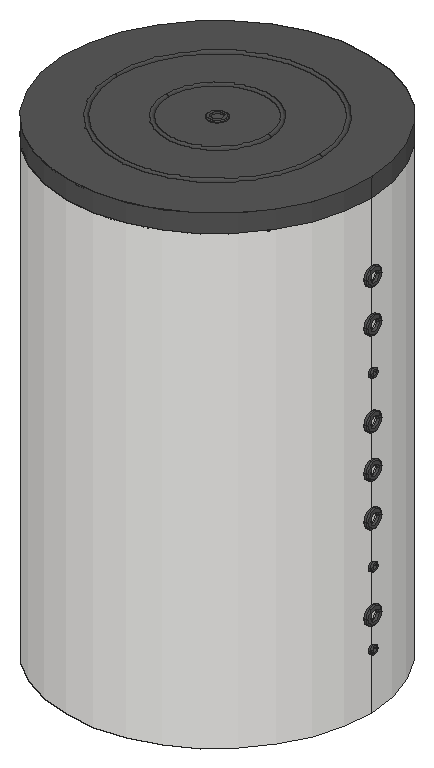
Revit family "S-tank_AT_Prestige", category Оборудование, Revit 2019
Family settings
  Размер круглого соединителя = Использовать диаметр
  Классификация = Нет
  Тип детали = Нормальный
  На основе рабочей плоскости = Нет
  Всегда вертикально = Да
  При загрузке вырезать с полостями = Нет
  Общий = Нет
  Точка расчета площади = Нет
Parameters (values of type "AT2000 Prestige")
  Разработка семейств = "https://rubim.tech/"
  Диаметрсизоляцией = 1350 mm
  shrf = 17.5 mm
  rd [instance] = Диаметрсизоляцией / 2  # 675 mm
  a = Диаметрсизоляцией / 6  # 225 mm
  M = 1715 mm
  L = 1525 mm
  K = 1335 mm
  I = 1145 mm
  H = 2100 mm
  E = 955 mm
  DN2 = 15 mm
  DN1 = 40 mm
  D = 765 mm
  C = 575 mm
  B = 385 mm
  ADSK_Примечание [instance] = ""
  ADSK_Позиция [instance] = ""
  ADSK_Обозначение = "AT300Prestige"
  ADSK_Наименование краткое [instance] = "БE"
  ADSK_Наименование = "Буферная емкость"
  ADSK_Масса_Текст [instance] = ""
  ADSK_Масса = 246
  ADSK_Марка = "AT 2000 Prestige"
  ADSK_Количество [instance] = 1  # constant formula
  ADSK_Код изделия [instance] = ""
  ADSK_Завод-изготовитель = "ООО “С-ТЭНК ВОТЕР ХИТЕРС”"
  ADSK_Единица измерения = "шт."  # constant formula
  ADSK_Группирование = "Оборудование"
  ADSK_URL документации изделия = "http://s-tank.ru/at-prestige/"
  A = 250 mm
Types (9, lengths in mm): name | Диаметрсизоляцией | rd | a | M | L | K | I | H | E | D | C | B | ADSK_Масса | ADSK_Марка | A
  AT300 Prestige | 630 | 315 | 105 | 1345 | 1185 | 1025 | 865 | 1600 | 705 | 545 | 385 | 225 | 65 | "AT 300 Prestige" | 125
  AT500 Prestige | 780 | 390 | 130 | 1340 | 1180 | 1020 | 860 | 1605 | 700 | 540 | 380 | 220 | 87 | "AT 500 Prestige" | 122
  AT750 Prestige | 920 | 460 | 153.333 | 1330 | 1170 | 1010 | 850 | 1630 | 690 | 530 | 370 | 210 | 103 | "AT 750 Prestige" | 117
  AT1000 Prestige | 920 | 460 | 153.333 | 1915 | 1670 | 1425 | 1180 | 2205 | 935 | 680 | 445 | 200 | 131 | "AT 1000 Prestige" | 117
  AT1200 Prestige | 1070 | 535 | 178.333 | 1630 | 1440 | 1250 | 1060 | 2080 | 870 | 680 | 490 | 300 | 174 | "AT 1200 Prestige" | 177
  AT1500 Prestige | 1070 | 535 | 178.333 | 1980 | 1740 | 1500 | 1260 | 2370 | 1020 | 780 | 540 | 300 | 200 | "AT 1500 Prestige" | 177
  AT2000 Prestige | 1350 | 675 | 225 | 1715 | 1525 | 1335 | 1145 | 2100 | 955 | 765 | 575 | 385 | 246 | "AT 2000 Prestige" | 250
  AT3000 Prestige | 1630 | 815 | 271.667 | 1830 | 1640 | 1450 | 1260 | 2315 | 1070 | 880 | 690 | 500 | 450 | "AT 3000 Prestige" | 332
  AT5000 Prestige | 1630 | 815 | 271.667 | 2600 | 2300 | 2000 | 1700 | 2315 | 1400 | 1100 | 800 | 500 | 615 | "AT 5000 Prestige" | 332
Reference planes
  plane 1 "По центру (Вперед/Назад)": y = 0
  plane 2: z = 0
  plane 3 "По центру (Влево/Вправо)": x = 0
  plane 4: z = 250
  plane 5: z = 385
  plane 6: z = 575
  plane 7: z = 765
  plane 8: z = 2100
  plane 9: x = 675
  plane 10: x = -675
  plane 11: x = 225
  plane 12: x = 450
  plane 13: y = -675
  plane 14: y = 675
  plane 15: z = 955
  plane 16: z = 1145
  plane 17: z = 1335
  plane 18: z = 1525
  plane 19: z = 1715
Forms (mm)
  Extrusion 1, solid, material "RB_Серая порошковая"
    sketch origin (0, 0, 0) x (1, 0, 0) y (0, 1, 0)
      loop
        circle (0, 0) r 675
    from 0 to 2020
  Extrusion 2, solid, material "RB_Черный пластик"
    sketch origin (0, 0, 0) x (1, 0, 0) y (0, 1, 0)
      loop
        circle (0, 0) r 675
    from 2020 to 2100
  Revolve 3, solid, material "RB_Черный пластик"
    sketch origin (0, 0, 0) x (1, 0, 0) y (0, 0, 1)
      loop
        line (217.5, 2100) -> (232.5, 2100)
        arc (232.5, 2100) -> (225, 2107.5) -> (217.5, 2100) r 7.5
      loop
        line (442.5, 2100) -> (457.5, 2100)
        arc (457.5, 2100) -> (450, 2107.5) -> (442.5, 2100) r 7.5
      axis (0, 2100) -> (0, 2101)
    angle from 0 to 360
  Extrusion 4, solid, material "Пластик синий", not visible
    sketch origin (-10, 0, 0) x (1, 0, 0) y (0, 0, 1)
      loop
        arc (-214.477, 2447.343) -> (-231.977, 2440.094) -> (-239.226, 2422.594) r 24.749
        line (-239.226, 2422.594) -> (-239.226, 2312.833)
        arc (-239.226, 2312.833) -> (-231.977, 2295.333) -> (-214.477, 2288.085) r 24.749
        line (-214.477, 2288.085) -> (236.536, 2288.085)
        arc (236.536, 2288.085) -> (254.036, 2295.333) -> (261.285, 2312.833) r 24.749
        line (261.285, 2312.833) -> (261.285, 2420.032)
        arc (261.285, 2420.032) -> (253.285, 2439.344) -> (233.974, 2447.343) r 27.311
        line (233.974, 2447.343) -> (-214.477, 2447.343)
      loop
        arc (-214.477, 2439.053) -> (-226.115, 2434.232) -> (-230.936, 2422.594) r 16.459
        line (-230.936, 2422.594) -> (-230.936, 2331.316) -> (252.994, 2331.316) -> (252.994, 2420.032)
        arc (252.994, 2420.032) -> (247.423, 2433.482) -> (233.974, 2439.053) r 19.021
        line (233.974, 2439.053) -> (-214.477, 2439.053)
      loop
        line (-115.968, 2397.309) -> (-115.968, 2379.809) -> (-65.968, 2379.809) -> (-65.968, 2397.309) -> (-115.968, 2397.309)
      loop
        line (-35.422, 2407.249) -> (-35.422, 2351.314) -> (-17.922, 2351.314) -> (-17.922, 2407.249) -> (3.349, 2407.249) -> (10.977, 2424.749) -> (-55.778, 2424.749) -> (-55.778, 2407.249) -> (-35.422, 2407.249)
      loop
        line (-4.413, 2351.314) -> (16.363, 2351.314) -> (21.205, 2358.883) -> (45.502, 2358.883) -> (45.502, 2351.314) -> (63.002, 2351.314) -> (63.002, 2377.816) -> (33.319, 2377.816) -> (45.396, 2396.692) -> (45.396, 2384.046) -> (62.896, 2384.046) -> (62.896, 2407.227)
        arc (62.896, 2407.227) -> (56.009, 2420.523) -> (41.176, 2422.567) r 16.277
        line (41.176, 2422.567) -> (-4.413, 2351.314)
      loop
        line (86.328, 2400.911) -> (116.793, 2357.872)
        arc (116.793, 2357.872) -> (128.592, 2352.604) -> (138.978, 2360.291) r 12.812
        line (138.978, 2360.291) -> (138.978, 2425.291) -> (121.478, 2425.291) -> (121.478, 2377.488) -> (92.799, 2417.763)
        arc (92.799, 2417.763) -> (79.669, 2423.404) -> (68.828, 2414.092) r 13.5
        line (68.828, 2414.092) -> (68.828, 2351.314) -> (86.328, 2351.314) -> (86.328, 2400.911)
      loop
        line (148.978, 2425.291) -> (148.978, 2351.314) -> (166.478, 2351.314) -> (166.478, 2387.9) -> (192.095, 2351.314) -> (210.407, 2351.314) -> (181.682, 2392.337) -> (202.618, 2425.291) -> (184.847, 2425.291) -> (166.478, 2396.377) -> (166.478, 2425.291) -> (148.978, 2425.291)
    from 759.938 to 875
  Extrusion 5, solid, material "Пластик красный", not visible
    sketch origin (-10, 0, 0) x (1, 0, 0) y (0, 0, 1)
      loop
        line (-183.191, 2407.249) -> (-125.538, 2407.249)
        arc (-125.538, 2407.249) -> (-123.959, 2408.615) -> (-124.451, 2410.643) r 2.004
        line (-124.451, 2410.643) -> (-138.593, 2424.749) -> (-178.435, 2424.749)
        arc (-178.435, 2424.749) -> (-183.852, 2416.825) -> (-183.191, 2407.249) r 14.627
      loop
        line (-178.104, 2401.129) -> (-146.323, 2368.814) -> (-182.715, 2368.814)
        arc (-182.715, 2368.814) -> (-184.77, 2366.956) -> (-184.098, 2364.267) r 2.693
        line (-184.098, 2364.267) -> (-171.109, 2351.314) -> (-128.051, 2351.314)
        arc (-128.051, 2351.314) -> (-118.918, 2357.483) -> (-121.231, 2368.259) r 9.845
        line (-121.231, 2368.259) -> (-153.559, 2401.129) -> (-178.104, 2401.129)
    from -875 to 875
Lines and regions (mm)
  reference lines
    curve 1: line (675, 0, 51.978) -> (675, 0, -48.022)
Dimensions and locks
  "H": plane 8 to plane 2
  "D": plane 7 to plane 2
  "C": plane 6 to plane 2
  "B": plane 5 to plane 2
  "A": plane 4 to plane 2
  "Диаметрсизоляцией": plane 9 to plane 10
  equal spacing: plane 9, plane 3 "По центру (Влево/Вправо)", plane 10
  "a": plane 11 to plane 3 "По центру (Влево/Вправо)"
  "a": plane 12 to plane 11
  equal spacing: Revolve 3 sketch curve, plane 11, Revolve 3 sketch curve
  equal spacing: Revolve 3 sketch curve, plane 12, Revolve 3 sketch curve
  Revolve 3 sketch curve to Revolve 3 sketch curve = 15 mm  (x2)
  "shrf": Extrusion 4 sketch curve to Extrusion 4 sketch curve  (x11)
  Extrusion 4 sketch curve to Extrusion 4 sketch curve = 15 mm  (x2)
  "shrf": Extrusion 5 sketch curve to Extrusion 5 sketch curve  (x3)
  equal spacing: plane 14, plane 1 "По центру (Вперед/Назад)", plane 13
  "Диаметрсизоляцией": plane 14 to plane 13
  locked: Extrusion 2 to plane 8 at 80
  "E": plane 15 to level
  "I": plane 16 to level
  "K": plane 17 to level
  "L": plane 18 to level
  "M": plane 19 to level
  "Диаметрсизоляцией": diameter of Extrusion 1 sketch curve
  "Диаметрсизоляцией": diameter of Extrusion 2 sketch curve
  aligned and locked: level to plane 2
  aligned and locked: Extrusion 4 sketch curve to Extrusion 4 sketch curve  (x3)
  aligned and locked: Extrusion 4 to Extrusion 5 sketch curve
  aligned and locked: Extrusion 5 sketch curve to Extrusion 4
  aligned and locked: nested 1 to plane 1 "По центру (Вперед/Назад)"
  aligned and locked: nested 2 to plane 4
  aligned and locked: nested 1 to plane 5
  aligned and locked: nested 4 to plane 6
  aligned and locked: nested 3 to plane 7
  aligned and locked: curve 1 to nested 3
  aligned and locked: curve 1 to nested 4
  aligned and locked: curve 1 to nested 1
  aligned and locked: curve 1 to nested 2
  aligned and locked: curve 1 to plane 9
  aligned and locked: nested 5 to plane 1 "По центру (Вперед/Назад)"
  aligned and locked: nested 5 to plane 8
  aligned and locked: Extrusion 2 to plane 8
  aligned and locked: Extrusion 1 to Extrusion 2
  aligned and locked: plane 15 to nested 6
  aligned and locked: plane 19 to nested 10
  aligned and locked: plane 18 to nested 9
  aligned and locked: plane 17 to nested 8
  aligned and locked: plane 16 to nested 7
  aligned and locked: curve 1 to nested 6
  aligned and locked: curve 1 to nested 7
  aligned and locked: curve 1 to nested 8
  aligned and locked: curve 1 to nested 9
  aligned and locked: curve 1 to nested 10
Automatic sketch dimensions
  Extrusion 4 sketch curve to Extrusion 4 sketch curve = 0 mm  (x12)
  Extrusion 4 sketch curve to Extrusion 4 sketch curve = 8.29 mm
  Extrusion 4 sketch curve to Extrusion 4 sketch curve = 16.459 mm  (x3)
  Extrusion 4 sketch curve to Extrusion 4 sketch curve = 98.509 mm
  Extrusion 4 sketch curve to Extrusion 4 sketch curve = 50 mm
  Extrusion 4 sketch curve to Extrusion 4 sketch curve = 10.19 mm
  Extrusion 4 sketch curve to Extrusion 4 sketch curve = 20.356 mm
  Extrusion 4 sketch curve to Extrusion 4 sketch curve = 13.509 mm
  Extrusion 4 sketch curve to Extrusion 4 sketch curve = 4.843 mm
  Extrusion 4 sketch curve to Extrusion 4 sketch curve = 12.113 mm
  Extrusion 4 sketch curve to Extrusion 4 sketch curve = 30.199 mm
  Extrusion 4 sketch curve to Extrusion 4 sketch curve = 12.078 mm
  Extrusion 4 sketch curve to Extrusion 4 sketch curve = 12.183 mm
  Extrusion 4 sketch curve to Extrusion 4 sketch curve = 1.223 mm
  Extrusion 4 sketch curve to Extrusion 4 sketch curve = 5.932 mm
  Extrusion 4 sketch curve to Extrusion 4 sketch curve = 4.616 mm
  Extrusion 4 sketch curve to Extrusion 4 sketch curve = 11.087 mm
  Extrusion 4 sketch curve to Extrusion 4 sketch curve = 30.465 mm
  Extrusion 4 sketch curve to Extrusion 4 sketch curve = 4.684 mm
  Extrusion 4 sketch curve to Extrusion 4 sketch curve = 11.775 mm
  Extrusion 4 sketch curve to Extrusion 4 sketch curve = 10 mm
  Extrusion 4 sketch curve to Extrusion 4 sketch curve = 15.205 mm
  Extrusion 4 sketch curve to Extrusion 4 sketch curve = 18.369 mm
  Extrusion 4 sketch curve to Extrusion 4 sketch curve = 25.618 mm
  Extrusion 4 sketch curve to Extrusion 4 sketch curve = 17.771 mm
  Extrusion 4 sketch curve to Extrusion 4 sketch curve = 18.312 mm
  Extrusion 4 sketch curve to Extrusion 4 sketch curve = 31.356 mm
  Extrusion 4 sketch curve to Extrusion 4 sketch curve = 18.483 mm
  Extrusion 4 sketch curve to Extrusion 4 sketch curve = 38.481 mm
  Extrusion 4 sketch curve to Extrusion 4 sketch curve = 6.557 mm
  Extrusion 4 sketch curve to Extrusion 4 sketch curve = 8.977 mm
  Extrusion 4 sketch curve to Extrusion 4 sketch curve = 12.148 mm
  Extrusion 4 sketch curve to Extrusion 4 sketch curve = 28.495 mm
  Extrusion 4 sketch curve to Extrusion 4 sketch curve = 12.647 mm
  Extrusion 4 sketch curve to Extrusion 4 sketch curve = 6.316 mm
  Extrusion 4 sketch curve to Extrusion 4 sketch curve = 15.318 mm
  Extrusion 4 sketch curve to Extrusion 4 sketch curve = 9.148 mm
  Extrusion 4 sketch curve to Extrusion 4 sketch curve = 6.865 mm
  Extrusion 4 sketch curve to Extrusion 4 sketch curve = 5.259 mm
  Extrusion 4 sketch curve to Extrusion 4 sketch curve = 28.915 mm
  Extrusion 5 sketch curve to Extrusion 5 sketch curve = 0.908 mm
  Extrusion 5 sketch curve to Extrusion 5 sketch curve = 1.383 mm
  Extrusion 5 sketch curve to Extrusion 5 sketch curve = 1.904 mm
  Extrusion 5 sketch curve to Extrusion 5 sketch curve = 4.756 mm
  Extrusion 5 sketch curve to Extrusion 5 sketch curve = 5.086 mm
  Extrusion 5 sketch curve to Extrusion 5 sketch curve = 12.989 mm
  Extrusion 5 sketch curve to Extrusion 5 sketch curve = 8.698 mm
  Extrusion 5 sketch curve to Extrusion 5 sketch curve = 16.177 mm
  Extrusion 5 sketch curve to Extrusion 5 sketch curve = 24.787 mm
  Extrusion 5 sketch curve to Extrusion 5 sketch curve = 14.966 mm
  Extrusion 5 sketch curve to Extrusion 5 sketch curve = 18.272 mm
  Extrusion 5 sketch curve to Extrusion 5 sketch curve = 12.725 mm
  Extrusion 5 sketch curve to Extrusion 5 sketch curve = 0.33 mm
  Extrusion 5 sketch curve to Extrusion 5 sketch curve = 1.417 mm
  Extrusion 5 sketch curve to Extrusion 5 sketch curve = 6.82 mm
  Extrusion 5 sketch curve to Extrusion 5 sketch curve = 4.547 mm
  Extrusion 5 sketch curve to Extrusion 5 sketch curve = 1.977 mm
  Extrusion 4 sketch curve to Extrusion 4 sketch curve = 21.271 mm
  Extrusion 4 sketch curve to Extrusion 4 sketch curve = 7.628 mm
  Extrusion 4 sketch curve to Extrusion 4 sketch curve = 20.775 mm
  Extrusion 4 sketch curve to Extrusion 4 sketch curve = 26.129 mm
  Revolve 3 sketch curve to plane 3 "По центру (Влево/Вправо)" = 0 mm
  Revolve 3 sketch curve to plane 8 = 0 mm  (x2)
  Revolve 3 sketch curve to plane 8 = 100 mm
  Revolve 3 sketch curve to Revolve 3 sketch curve = 220 mm
  curve 1 to level = 48.022 mm
  level to curve 1 = 51.978 mm
  plane 1 "По центру (Вперед/Назад)" to Extrusion 1 sketch curve = 0 mm
  Extrusion 1 sketch curve to plane 3 "По центру (Влево/Вправо)" = 0 mm
  plane 1 "По центру (Вперед/Назад)" to Extrusion 2 sketch curve = 0 mm
  Extrusion 2 sketch curve to plane 3 "По центру (Влево/Вправо)" = 0 mm
Nested families
  nested 1: "патрубок" at (675, 0, 385) x (0, 1, 0) z (0, 0, 1), DN <- "DN1", type "патрубок"
    with ВР no, L2 15 mm, L1 30 mm, Dv 50 mm, Dtv 44 mm, Dt 48 mm, Dn 80 mm, DN 40 mm
  nested 2: "патрубок" at (675, 0, 250) x (0, 1, 0) z (0, 0, 1), DN <- "DN2", type "патрубок"
    with ВР no, L2 15 mm, L1 30 mm, Dv 23.3 mm, Dtv 17.3 mm, Dt 21.3 mm, Dn 37.28 mm, DN 15 mm
  nested 3: "патрубок" at (675, 0, 765) x (0, 1, 0) z (0, 0, 1), DN <- "DN1", type "патрубок"
    with ВР no, L2 15 mm, L1 30 mm, Dv 50 mm, Dtv 44 mm, Dt 48 mm, Dn 80 mm, DN 40 mm
  nested 4: "патрубок" at (675, 0, 575) x (0, 1, 0) z (0, 0, 1), DN <- "DN2", type "патрубок"
    with ВР no, L2 15 mm, L1 30 mm, Dv 23.3 mm, Dtv 17.3 mm, Dt 21.3 mm, Dn 37.28 mm, DN 15 mm
  nested 5: "патрубок" at (0, 0, 2089.119) x (1, 0, 0) z (0, 1, 0), type "патрубок"
    with ВР no, L2 15 mm, L1 30 mm, Dv 50 mm, Dtv 44 mm, Dt 48 mm, Dn 80 mm, DN 40 mm
  nested 6: "патрубок" at (675, 0, 955) x (0, 1, 0) z (0, 0, 1), DN <- "DN1", type "патрубок"
    with ВР no, L2 15 mm, L1 30 mm, Dv 50 mm, Dtv 44 mm, Dt 48 mm, Dn 80 mm, DN 40 mm
  nested 7: "патрубок" at (675, 0, 1145) x (0, 1, 0) z (0, 0, 1), DN <- "DN1", type "патрубок"
    with ВР no, L2 15 mm, L1 30 mm, Dv 50 mm, Dtv 44 mm, Dt 48 mm, Dn 80 mm, DN 40 mm
  nested 8: "патрубок" at (675, 0, 1335) x (0, 1, 0) z (0, 0, 1), DN <- "DN2", type "патрубок"
    with ВР no, L2 15 mm, L1 30 mm, Dv 23.3 mm, Dtv 17.3 mm, Dt 21.3 mm, Dn 37.28 mm, DN 15 mm
  nested 9: "патрубок" at (675, 0, 1525) x (0, 1, 0) z (0, 0, 1), DN <- "DN1", type "патрубок"
    with ВР no, L2 15 mm, L1 30 mm, Dv 50 mm, Dtv 44 mm, Dt 48 mm, Dn 80 mm, DN 40 mm
  nested 10: "патрубок" at (675, 0, 1715) x (0, 1, 0) z (0, 0, 1), DN <- "DN1", type "патрубок"
    with ВР no, L2 15 mm, L1 30 mm, Dv 50 mm, Dtv 44 mm, Dt 48 mm, Dn 80 mm, DN 40 mm
Connectors
  piping at (0, 0, 2089.119), diameter 40, driven by "DN1"
    settings: on nested 5, index 21, connector inside diameter 609.6 mm, connector length 0 mm, flow factor 0, pipe flow 0.0 L/s, pressure drop 0.0 Pa, fitting loss kfactor 0, connector angle 0.00°, fixture units 0, engagement length 0 mm, angle of deflection 0.00°, flow configuration 0, flow direction 2, fitting loss method 0, system type 7, joint type 0, gender type 0, connector reference index -1, connector utility 0, adjustable connector no, is connector primary yes, connector description ""
  piping at (675, 0, 250), diameter 15, driven by "DN2"
    settings: on nested 2, index 22, connector inside diameter 609.6 mm, connector length 0 mm, flow factor 0, pipe flow 0.0 L/s, pressure drop 0.0 Pa, fitting loss kfactor 0, connector angle 0.00°, fixture units 0, engagement length 0 mm, angle of deflection 0.00°, flow configuration 0, flow direction 0, fitting loss method 0, system type 29, joint type 0, gender type 0, connector reference index -1, connector utility 0, adjustable connector no, is connector primary no, connector description ""
  piping at (675, 0, 385), diameter 40, driven by "DN1"
    settings: on nested 1, index 23, connector inside diameter 609.6 mm, connector length 0 mm, flow factor 0, pipe flow 0.0 L/s, pressure drop 0.0 Pa, fitting loss kfactor 0, connector angle 0.00°, fixture units 0, engagement length 0 mm, angle of deflection 0.00°, flow configuration 0, flow direction 2, fitting loss method 0, system type 8, joint type 0, gender type 0, connector reference index -1, connector utility 0, adjustable connector no, is connector primary no, connector description ""
  piping at (675, 0, 575), diameter 15, driven by "DN2"
    settings: on nested 4, index 24, connector inside diameter 609.6 mm, connector length 0 mm, flow factor 0, pipe flow 0.0 L/s, pressure drop 0.0 Pa, fitting loss kfactor 0, connector angle 0.00°, fixture units 0, engagement length 0 mm, angle of deflection 0.00°, flow configuration 0, flow direction 0, fitting loss method 0, system type 29, joint type 0, gender type 0, connector reference index -1, connector utility 0, adjustable connector no, is connector primary no, connector description ""
  piping at (675, 0, 765), diameter 40, driven by "DN1"
    settings: on nested 3, index 25, connector inside diameter 609.6 mm, connector length 0 mm, flow factor 0, pipe flow 0.0 L/s, pressure drop 0.0 Pa, fitting loss kfactor 0, connector angle 0.00°, fixture units 0, engagement length 0 mm, angle of deflection 0.00°, flow configuration 0, flow direction 2, fitting loss method 0, system type 8, joint type 0, gender type 0, connector reference index -1, connector utility 0, adjustable connector no, is connector primary no, connector description ""
  piping at (675, 0, 955), diameter 40, driven by "DN1"
    settings: on nested 6, index 26, connector inside diameter 609.6 mm, connector length 0 mm, flow factor 0, pipe flow 0.0 L/s, pressure drop 0.0 Pa, fitting loss kfactor 0, connector angle 0.00°, fixture units 0, engagement length 0 mm, angle of deflection 0.00°, flow configuration 0, flow direction 0, fitting loss method 0, system type 29, joint type 0, gender type 0, connector reference index -1, connector utility 0, adjustable connector no, is connector primary no, connector description ""
  piping at (675, 0, 1145), diameter 40, driven by "DN1"
    settings: on nested 7, index 27, connector inside diameter 609.6 mm, connector length 0 mm, flow factor 0, pipe flow 0.0 L/s, pressure drop 0.0 Pa, fitting loss kfactor 0, connector angle 0.00°, fixture units 0, engagement length 0 mm, angle of deflection 0.00°, flow configuration 0, flow direction 1, fitting loss method 0, system type 7, joint type 0, gender type 0, connector reference index -1, connector utility 0, adjustable connector no, is connector primary no, connector description ""
  piping at (675, 0, 1335), diameter 15, driven by "DN2"
    settings: on nested 8, index 28, connector inside diameter 609.6 mm, connector length 0 mm, flow factor 0, pipe flow 0.0 L/s, pressure drop 0.0 Pa, fitting loss kfactor 0, connector angle 0.00°, fixture units 0, engagement length 0 mm, angle of deflection 0.00°, flow configuration 0, flow direction 0, fitting loss method 0, system type 29, joint type 0, gender type 0, connector reference index -1, connector utility 0, adjustable connector no, is connector primary no, connector description ""
  piping at (675, 0, 1525), diameter 40, driven by "DN1"
    settings: on nested 9, index 29, connector inside diameter 609.6 mm, connector length 0 mm, flow factor 0, pipe flow 0.0 L/s, pressure drop 0.0 Pa, fitting loss kfactor 0, connector angle 0.00°, fixture units 0, engagement length 0 mm, angle of deflection 0.00°, flow configuration 0, flow direction 1, fitting loss method 0, system type 7, joint type 0, gender type 0, connector reference index -1, connector utility 0, adjustable connector no, is connector primary no, connector description ""
  piping at (675, 0, 1715), diameter 40, driven by "DN1"
    settings: on nested 10, index 30, connector inside diameter 609.6 mm, connector length 0 mm, flow factor 0, pipe flow 0.0 L/s, pressure drop 0.0 Pa, fitting loss kfactor 0, connector angle 0.00°, fixture units 0, engagement length 0 mm, angle of deflection 0.00°, flow configuration 0, flow direction 1, fitting loss method 0, system type 7, joint type 0, gender type 0, connector reference index -1, connector utility 0, adjustable connector no, is connector primary no, connector description ""
Definition of nested family "патрубок"
  Parameters (values of type "патрубок")
    ВР [instance] = yes
    L2 [instance] = if(ВР, L1 + 20 mm, L1 - 15 mm)  # 50 mm
    L1 [instance] = 30 mm
    Dv [instance] = Dt + 2 mm  # 50 mm
    Dtv [instance] = Dt - 4 mm  # 44 mm
    Dt [instance] = if(DN = 15 mm, 21.3 mm, if(DN = 20 mm, 26.8 mm, if(DN = 25 mm, 33.5 mm, if(DN = 32 mm, 42.3 mm, if(DN = 40 mm, 48 mm, if(DN = 50 mm, 60 mm, 15 mm))))))  # 48 mm
    Dn [instance] = Dv * 1.6  # 80 mm
    DN [instance] = 40 mm
    2 = none
    1 = none
  Reference planes
    plane 1 "По центру (Вперед/Назад)": y = 0
    plane 2: z = 0
    plane 3 "По центру (Влево/Вправо)": x = 0
  Forms (mm)
    Extrusion 1, solid, material <- "1"
      sketch origin (0, 0, 0) x (1, 0, 0) y (0, 0, 1)
        loop
          circle (0, 0) r 40
        loop
          circle (0, 0) r 25
      from -15 to 15
    Extrusion 2, solid, material <- "2"
      sketch origin (0, 0, 0) x (1, 0, 0) y (0, 0, 1)
        loop
          circle (0, 0) r 24
        loop
          circle (0, 0) r 22
      from -15 to 35
    Sweep 3, void
      path in 3D
        loop
          arc (40, -15, 0) -> (0, -15, -40) -> (-40, -15, 0) r 40
          arc (-40, -15, 0) -> (0, -15, 40) -> (40, -15, 0) r 40
      profile origin (0, -15, 40) x (0, 0, 1) y (0, -1, 0)
        loop
          line (0, -4.119) -> (0, 0) -> (-4.119, 0) -> (0, -4.119)
  Cuts and joins
    Sweep 3 cuts Extrusion 1
  Lines and regions (mm)
    sketch lines
      curve 1: arc (-40, -15, 0) -> (0, -15, 40) -> (40, -15, 0) r 40
      curve 2: arc (40, -15, 0) -> (0, -15, -40) -> (-40, -15, 0) r 40
  Dimensions and locks
    "L1": Extrusion 1 to Extrusion 1
    equal spacing: Extrusion 1, plane 1 "По центру (Вперед/Назад)", Extrusion 1
    "L2": Extrusion 1 to Extrusion 2
    "Dn": diameter of Extrusion 1 sketch curve
    "Dv": diameter of Extrusion 1 sketch curve
    "Dt": diameter of Extrusion 2 sketch curve
    "Dtv": diameter of Extrusion 2 sketch curve
    locked: profile plane to Sweep 3 sketch curve (angle 45.00°)
    aligned and locked: level to plane 2
    aligned and locked: Extrusion 1 to Extrusion 2
    aligned and locked: Sweep 3 sketch curve to profile plane
    aligned and locked: profile plane to Sweep 3 sketch curve
  Automatic sketch dimensions
    profile plane to Sweep 3 sketch curve = 4.119 mm
    Extrusion 1 sketch curve to Extrusion 1 sketch curve = 0 mm  (x2)
    Extrusion 1 sketch curve to level = 0 mm
    Extrusion 1 sketch curve to plane 3 "По центру (Влево/Вправо)" = 0 mm
    Extrusion 2 sketch curve to Extrusion 2 sketch curve = 0 mm  (x2)
    Extrusion 2 sketch curve to level = 0 mm
    Extrusion 2 sketch curve to plane 3 "По центру (Влево/Вправо)" = 0 mm
